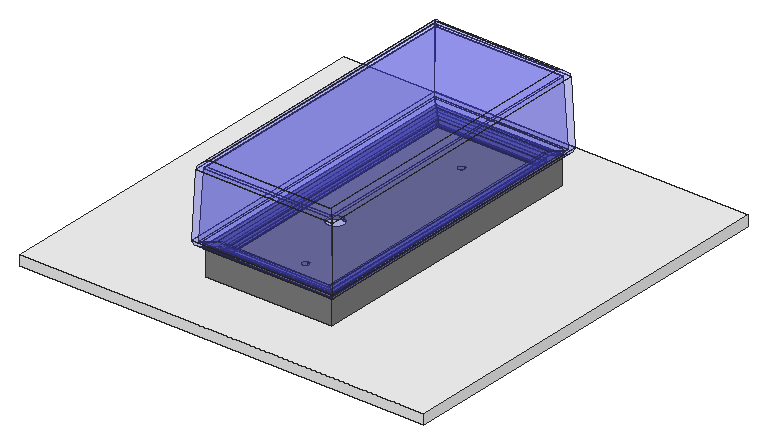
Revit family "BE_24604_de_DE", category Leuchten, Revit 2020
Family settings
  Basisbauteil = Fläche
  Bemaßung runder Anschluss = Durchmesser verwenden
  Teiletyp = Normal
  Beim Laden mit Abzugskörper schneiden = Ja
  Lichtquelle = Ja
  Gemeinsam genutzt = Nein
  Raumberechnungspunkt = Ja
Parameters (values of type "BEGA_24604_Grafit_K3")
  built-in parameter 1150104 = 8.8258 (stored number, unit not read)
  Wattage = 16 W
  Default Elevation = 0 mm
  built-in parameter 1150113 = 1 (stored number, unit not read)
  built-in parameter 1114218 = 1 (stored number, unit not read)
  Umgebungstemperatur = "25 °C"
  URL = "https://www.bega.com/de/produkt/24604"
  Typenkommentare = "© 2022 BEGA. Wir behalten uns das Recht vor, technische Änderungen ohne vorherige Ankündigung vorzunehmen."  # constant formula
  Type Image = 24604.png
  built-in parameter 1150134 = (empty or 0)
  built-in parameter 1150109 = 1 (stored number, unit not read)
  Strom = ""
  built-in parameter 1150110 = 1 (stored number, unit not read)
  Spannung = 230 V
  Sonderanfertigung = no
  Seriennummer [instance] = "Hier können Sie die eindeutige Seriennummer für das Facility Management eintragen."
  Schutzklasse = "I"
  Schutzart = "IP 44"
  Scheinlast = 0 VA
  Produktdatenblatt = "https://cdn.bega.com/bega/products/24604K3/current/documents/data-sheets/de"
  Oberflächentemperatur = ""
  Neigungswinkel = 0.00°
  Modell = "24604K3"
  Material_17 = BEGA_Reflektor
  Material_15 = BEGA_Leuchtmedium_matt
  Material_11 = BEGA_Glas_opal
  Material_09 = BEGA_Glas_klar
  Material_06 = BEGA_Oberfläche_Edelstahl_gebürstet
  Material_05 = BEGA_Oberfläche_Aluminium Guss
  Material_03 = BEGA_Oberfläche_Weiss_matt
  Material_02 = BEGA_Oberfläche_Silber_matt
  Material_01 [instance] = BEGA_Oberfläche_Grafit_matt
  M_W = no
  M_G = yes
  M_A = no
  Logo = 0
  built-in parameter 1114217 = 1 (stored number, unit not read)
  built-in parameter 1150139 = (empty or 0)
  built-in parameter 1150105 = 120.96 (stored number, unit not read)
  built-in parameter 1150114 = 1 (stored number, unit not read)
  Lumens = 1520 lm
  built-in parameter 1150115 = 1 (stored number, unit not read)
  Leuchtenlichtstrom = "1106 lm"
  Leuchtenanzahl = ""
  Lebensdauerkriterien = "L70B50 @ 25 °C = 78000 h"
  Lastklassifizierung = Beleuchtung
  built-in parameter 1150112 = 1 (stored number, unit not read)
  Lampenlichtstrom = "1520 lm"
  Lampe = "LED 14.8 W"
  LED_Modulbezeichnung = "2x LED-1250/830"
  built-in parameter 1150142 = (empty or 0)
  Hersteller = "BEGA"  # constant formula
  Halbstreuwinkel = ""
  Gewicht = "1.75 kg"
  Gebrauchslageneinschränkung [instance] = ""
  Frequenz = "50/60 Hz"
  Farbwiedergabeindex = "CRI > 80"
  Farbtemperaturverschiebung bei Dämpfen der Lampe = <Keine Auswahl>
  Farbtemperatur = "3000 K"
  Color Filter = 16777215
  built-in parameter 1150133 = 10 (stored number, unit not read)
  Energieeffizienzklasse = "LED A++ - A"
  built-in parameter 1150137 = (empty or 0)
  built-in parameter 1150132 = (empty or 0)
  ENEC = ""
  Dimmbar [instance] = "Phasenan- oder -abschnittdimmer"
  Datei für fotometrisches Netz = "BE_24604K3.IES"
  CE_Konformität = "ja"
  Bestellnummer = "24604K3"
  Beschreibung_Sonderanfertigung = "Hier können Sie Informationen zur Sonderanfertigung eintragen."
  Beschreibung = "Lichtbaustein"
  built-in parameter 1150106 = 1.2096 (stored number, unit not read)
  Befestigungsbohrung = "Ø 6,5 mm"
  Befestigungsabstand = "184 mm"
  Ballwurfsicher = ""
  BEGA_Intern_aus = yes
  BEGA_Intern_an = yes
  BEGA_Intern_Konstruktion = yes
  BEGA_Intern = yes
  BEGA_IES = yes
  BEGA_Dummy = no
  Anschlussleitung = ""
  Anschlussleistung [instance] = "14.8 W"
  Anschlusskasten = ""
  built-in parameter 1150107 = 3000 (stored number, unit not read)
  built-in parameter 1150102 = (empty or 0)
  built-in parameter 1150138 = (empty or 0)
  Aktualisierung = "2022-05-18T04:00:07"
  Abstand_zur_angestrahlten_Fläche [instance] = ""
  AC/DC = "AC"
Reference planes
  plane 1 "Mitte (Vorne/Hinten)": y = 0
  plane 2: z = 0
  plane 3 "Mitte (Links/Rechts)": x = 0
  plane 4 "Links": x = -69.782
  plane 5 "Rechts": x = 69.782
  plane 6 "Unten": y = -149.781
  plane 7 "Oben": y = 149.781
  plane 8 "Vorne": z = 106.2
  plane 9 "Hinten": z = 0
Forms (mm)
  Extrusion 1, solid, material "BEGA_Platte_Weiss"
    sketch origin (0, -1119.2, 0) x (1, 0, 0) y (0, 1, 0)
      loop
        line (-200, 1319.2) -> (-200, 919.2) -> (200, 919.2) -> (200, 1319.2) -> (-200, 1319.2)
    from 0 to -10
  Extrusion 2, solid, material "BEGA_Dummy_matt", visible <- "BEGA_Dummy"
    sketch origin (80.095, -76.023, 0) x (1, 0, 0) y (0, 1, 0)
      loop
        line (-149.878, 225.804) -> (-149.878, -73.758) -> (-10.313, -73.758) -> (-10.313, 225.804) -> (-149.878, 225.804)
    from 0 to 106.2
Dimensions and locks
  plane 1 "Mitte (Vorne/Hinten)" to Extrusion 1 = 200 mm
  aligned and locked: plane 2 to Extrusion 1
  aligned and locked: level to Extrusion 1
Nested families
  nested 1: "BE_24604" at (0, 0, 0) x (0, -1, 0) z (0, 0, 1), type "BE_24604"
Connectors
  electrical at (0, 0, 0), driven by "Lastklassifizierung", driven by "Spannung", driven by "Scheinlast"
    settings: index 1, voltage 230 V, apparent load 0 VA, apparent load phase1 0 VA, apparent load phase2 0 VA, apparent load phase3 0 VA, power factor 1, load classification "Beleuchtung", number of poles 1, system type 31, power factor state 1, is connector primary yes, connector utility no, sub classification motor no, connector description ""
Definition of nested family "BE_24604"
  Parameters (values of type "BE_24604")
    Default Elevation = 1 mm
    URL = "http://www.bega.de/de/produkt"
    Type Comments = "© 2015 BEGA. Wir behalten uns das Recht vor, technische Änderungen ohne vorherige Ankündigung vorzunehmen. "  # constant formula
    Type Image = (empty or 0)
    Neigungswinkel_um_Z2 = 0.00°
    Neigungswinkel_um_Z1 = 0.00°
    Neigungswinkel_um_Y2 = 0.00°
    Neigungswinkel_um_Y1 = 0.00°
    Neigungswinkel_um_X2 = 0.00°
    Neigungswinkel_um_X1 = 0.00°
    Material_17 = none
    Material_15 = none
    Material_11 = none
    Material_09 = none
    Material_06 = none
    Material_05 = none
    Material_03 = none
    Material_02 = none
    Material_01 = none
    M_W = yes
    M_G = yes
    M_A = yes
    Länge_Platte = 400 mm  # constant formula
    Höhe_Platte = -10 mm  # constant formula
    Manufacturer = "BEGA"  # constant formula
    Drehwinkel_um_Z2 = 0.00°
    Drehwinkel_um_Z1 = 0.00°
    Breite_Platte = 200 mm  # constant formula
  Reference planes
    plane 1 "Mitte (Oben/Unten)": y = 0
    plane 2: z = 0
    plane 3 "Mitte (Links/Rechts)": x = 0
    plane 4: x = -149.781
    plane 5: z = 106.2
    plane 6: x = 149.781
    plane 7: y = 69.782
    plane 8: y = -69.782
  Forms (mm)
    Extrusion 1, solid, detail levels medium
      sketch origin (0, 0, 0) x (1, 0, 0) y (0, 1, 0)
        loop
          line (-200, 100) -> (-200, -100) -> (200, -100) -> (200, 100) -> (-200, 100)
      from 0 to -10 <- "Höhe_Platte"
    Sweep 2, solid, material <- "Material_01", detail levels medium+fine
      path origin (0, 0, 0) x (1, 0, 0) y (0, 1, 0)
        loop
          line (-143.498, 63.5) -> (-143.498, -63.5) -> (143.498, -63.5) -> (143.498, 63.5) -> (-143.498, 63.5)
      profile origin (-143.498, 0, 0) x (1, 0, 0) y (0, 0, 1)
        loop
          line (-0.002, 30) -> (0.024, 28.5) -> (0.993, 28.5) -> (1.429, 3.5) -> (3.031, 3.5) -> (3.223, 14.5) -> (13.998, 14.5) -> (13.998, 16.7) -> (3.23, 16.7) -> (2.998, 30) -> (-0.002, 30)
    Extrusion 3, solid, material <- "Material_01", detail levels medium+fine
      sketch origin (0, 0, 0) x (1, 0, 0) y (0, 0, 1)
        loop
          line (-129.5, 16.7) -> (-129.5, 14.5) -> (131.567, 14.5) -> (131.567, 16.7) -> (-129.5, 16.7)
      from -49.502 to 49.502
    Sweep 4, solid, material <- "Material_11", detail levels medium+fine
      path origin (0, 0, 0) x (1, 0, 0) y (0, 1, 0)
        loop
          line (-142.505, -62.507) -> (142.505, -62.507) -> (142.505, 62.507) -> (-142.505, 62.507) -> (-142.505, -62.507)
      profile origin (-142.505, 0, 0) x (-1, 0, 0) y (0, 0, 1)
        loop
          line (7.272, 36.285) -> (5.09, 98.77)
          arc (5.09, 98.77) -> (2.744, 104.039) -> (-2.605, 106.2) r 7.699
          line (-2.605, 106.2) -> (-33, 106.2) -> (-33, 100.9) -> (-0.436, 100.9)
          arc (-0.436, 100.9) -> (0.607, 100.478) -> (1.064, 99.45) r 1.5
          line (1.064, 99.45) -> (3.313, 35.031)
          arc (3.313, 35.031) -> (3.068, 34.377) -> (2.43, 34.096) r 0.9
          line (2.43, 34.096) -> (-6.864, 33.934)
          arc (-6.864, 33.934) -> (-11.036, 32.139) -> (-12.755, 27.935) r 6
          line (-12.755, 27.935) -> (-12.755, 21.598)
          arc (-12.755, 21.598) -> (-12.549, 20.989) -> (-12.014, 20.632) r 1
          line (-12.014, 20.632) -> (-10.491, 20.224)
          arc (-10.491, 20.224) -> (-9.96, 19.866) -> (-9.755, 19.26) r 1
          line (-9.755, 19.26) -> (-9.755, 17.9) -> (-5.755, 17.9) -> (-5.755, 23.096) -> (-8.009, 23.7)
          arc (-8.009, 23.7) -> (-8.547, 24.056) -> (-8.755, 24.667) r 1
          line (-8.755, 24.667) -> (-8.755, 27.935)
          arc (-8.755, 27.935) -> (-8.182, 29.336) -> (-6.79, 29.934) r 2
          line (-6.79, 29.934) -> (1.385, 30.077)
          arc (1.385, 30.077) -> (5.629, 31.948) -> (7.272, 36.285) r 6
    Extrusion 5, solid, material <- "Material_11", detail levels medium+fine
      sketch origin (0, 0, 0) x (0, 1, 0) y (0, 0, 1)
        loop
          line (-29.507, 106.2) -> (-29.507, 101) -> (29.507, 101) -> (29.507, 106.2) -> (-29.507, 106.2)
      from -109.505 to 109.505
    Extrusion 6, void
      sketch origin (0, 0, 0) x (1, 0, 0) y (0, 1, 0)
        loop
          circle (29.5, -24.101) r 8.5
        loop
          circle (96.5, -0.101) r 3.25
        loop
          circle (-96.5, -0.101) r 3.264
      from 0 to 20
    Revolve 7, solid, material <- "Material_01", detail levels medium+fine
      sketch origin (0, 52.5, 0) x (1, 0, 0) y (0, 0, 1)
        loop
          line (-136.926, 13.58) -> (-136, 2) -> (-133.5, 2) -> (-131.5, 0) -> (-131.5, 14.5) -> (-137.923, 14.5)
          arc (-137.923, 14.5) -> (-137.245, 14.235) -> (-136.926, 13.58) r 1
        axis (-131.5, 0) -> (-131.5, 14.5)
      angle from 0 to 360
    Revolve 8, solid, material <- "Material_01", detail levels medium+fine
      sketch origin (0, -52.5, 0) x (1, 0, 0) y (0, 0, -1)
        loop
          arc (-136.926, -13.58) -> (-137.245, -14.235) -> (-137.923, -14.5) r 1
          line (-137.923, -14.5) -> (-131.5, -14.5) -> (-131.5, 0) -> (-133.5, -2) -> (-136, -2) -> (-136.926, -13.58)
        axis (-131.5, 0) -> (-131.5, -14.5)
      angle from 0 to 360
    Revolve 9, solid, material <- "Material_01", detail levels medium+fine
      sketch origin (0, 52.5, 0) x (-1, 0, 0) y (0, 0, -1)
        loop
          arc (-136.926, -13.58) -> (-137.245, -14.235) -> (-137.923, -14.5) r 1
          line (-137.923, -14.5) -> (-131.5, -14.5) -> (-131.5, 0) -> (-133.5, -2) -> (-136, -2) -> (-136.926, -13.58)
        axis (-131.5, 0) -> (-131.5, -14.5)
      angle from 0 to 360
    Revolve 10, solid, material <- "Material_01", detail levels medium+fine
      sketch origin (0, -52.5, 0) x (-1, 0, 0) y (0, 0, 1)
        loop
          line (-136.926, 13.58) -> (-136, 2) -> (-133.5, 2) -> (-131.5, 0) -> (-131.5, 14.5) -> (-137.923, 14.5)
          arc (-137.923, 14.5) -> (-137.245, 14.235) -> (-136.926, 13.58) r 1
        axis (-131.5, 0) -> (-131.5, 14.5)
      angle from 0 to 360
  Cuts and joins
    Extrusion 6 cuts Sweep 2
    Extrusion 6 cuts Extrusion 3
    joined: Sweep 2, Extrusion 3, Revolve 7, Revolve 8, Revolve 9, Revolve 10
    joined: Sweep 4, Extrusion 5
  Dimensions and locks
    equal spacing: Extrusion 1 sketch curve, plane 3 "Mitte (Links/Rechts)", Extrusion 1 sketch curve
    equal spacing: Extrusion 1 sketch curve, plane 1 "Mitte (Oben/Unten)", Extrusion 1 sketch curve
    "Länge_Platte": Extrusion 1 sketch curve to Extrusion 1 sketch curve
    "Breite_Platte": Extrusion 1 sketch curve to Extrusion 1 sketch curve
    aligned and locked: Extrusion 1 to plane 2
    aligned and locked: level to Extrusion 1
  Automatic sketch dimensions
    profile plane to Sweep 2 sketch curve = 0.002 mm
    Sweep 2 sketch curve to profile plane = 0.024 mm
    Sweep 2 sketch curve to Sweep 2 sketch curve = 0.969 mm
    Sweep 2 sketch curve to profile plane = 1.429 mm
    Sweep 2 sketch curve to Sweep 2 sketch curve = 2.005 mm
    Sweep 2 sketch curve to Sweep 2 sketch curve = 1.602 mm
    Sweep 2 sketch curve to profile plane = 3.223 mm
    Sweep 2 sketch curve to Sweep 2 sketch curve = 0.007 mm
    Sweep 2 sketch curve to Sweep 2 sketch curve = 10.768 mm
    level to Sweep 2 sketch curve = 3.5 mm
    Sweep 2 sketch curve to Sweep 2 sketch curve = 11 mm
    Sweep 2 sketch curve to Sweep 2 sketch curve = 2.2 mm
    Sweep 2 sketch curve to Sweep 2 sketch curve = 11.8 mm
    Sweep 2 sketch curve to Sweep 2 sketch curve = 1.5 mm
    level to Extrusion 3 sketch curve = 14.5 mm
    Extrusion 3 sketch curve to Extrusion 3 sketch curve = 2.2 mm
    plane 1 "Mitte (Oben/Unten)" to Extrusion 5 sketch curve = 29.507 mm
    Extrusion 5 sketch curve to plane 1 "Mitte (Oben/Unten)" = 29.507 mm
    plane 1 "Mitte (Oben/Unten)" to Extrusion 6 sketch curve = 0.101 mm  (x2)
    plane 3 "Mitte (Links/Rechts)" to Extrusion 6 sketch curve = 29.5 mm
    plane 1 "Mitte (Oben/Unten)" to Extrusion 6 sketch curve = 24.101 mm
    Revolve 7 sketch curve to level = 0 mm
    level to Revolve 7 sketch curve = 2 mm
    Revolve 7 sketch curve to Revolve 7 sketch curve = 2.5 mm
    Revolve 7 sketch curve to Revolve 7 sketch curve = 2 mm  (x2)
    Revolve 7 sketch curve to Revolve 7 sketch curve = 11.5 mm
    Revolve 7 sketch curve to Revolve 7 sketch curve = 1 mm
    Revolve 7 sketch curve to Revolve 7 sketch curve = 0 mm  (x4)
    Revolve 7 sketch curve to Revolve 7 sketch curve = 0.997 mm
    Revolve 7 sketch curve to Revolve 7 sketch curve = 0.08 mm
    Revolve 7 sketch curve to Revolve 7 sketch curve = 1.08 mm
    Revolve 8 sketch curve to level = 0 mm
    level to Revolve 8 sketch curve = 2 mm
    Revolve 8 sketch curve to Revolve 8 sketch curve = 2.5 mm
    Revolve 8 sketch curve to Revolve 8 sketch curve = 2 mm  (x2)
    Revolve 8 sketch curve to Revolve 8 sketch curve = 11.5 mm
    Revolve 8 sketch curve to Revolve 8 sketch curve = 1 mm
    Revolve 8 sketch curve to Revolve 8 sketch curve = 0 mm  (x4)
    Revolve 8 sketch curve to Revolve 8 sketch curve = 0.997 mm
    Revolve 8 sketch curve to Revolve 8 sketch curve = 0.08 mm
    Revolve 8 sketch curve to Revolve 8 sketch curve = 1.08 mm
    Revolve 9 sketch curve to level = 0 mm
    level to Revolve 9 sketch curve = 2 mm
    Revolve 9 sketch curve to Revolve 9 sketch curve = 2.5 mm
    Revolve 9 sketch curve to Revolve 9 sketch curve = 2 mm  (x2)
    Revolve 9 sketch curve to Revolve 9 sketch curve = 11.5 mm
    Revolve 9 sketch curve to Revolve 9 sketch curve = 1 mm
    Revolve 9 sketch curve to Revolve 9 sketch curve = 0 mm  (x4)
    Revolve 9 sketch curve to Revolve 9 sketch curve = 0.997 mm
    Revolve 9 sketch curve to Revolve 9 sketch curve = 0.08 mm
    Revolve 9 sketch curve to Revolve 9 sketch curve = 1.08 mm
    Revolve 10 sketch curve to level = 0 mm
    level to Revolve 10 sketch curve = 2 mm
    Revolve 10 sketch curve to Revolve 10 sketch curve = 2.5 mm
    Revolve 10 sketch curve to Revolve 10 sketch curve = 2 mm  (x2)
    Revolve 10 sketch curve to Revolve 10 sketch curve = 11.5 mm
    Revolve 10 sketch curve to Revolve 10 sketch curve = 1 mm
    Revolve 10 sketch curve to Revolve 10 sketch curve = 0 mm  (x4)
    Revolve 10 sketch curve to Revolve 10 sketch curve = 0.997 mm
    Revolve 10 sketch curve to Revolve 10 sketch curve = 0.08 mm
    Revolve 10 sketch curve to Revolve 10 sketch curve = 1.08 mm
    Sweep 4 sketch curve to Sweep 4 sketch curve = 0 mm  (x8)
    profile plane to Sweep 4 sketch curve = 33 mm
    profile plane to Sweep 4 sketch curve = 12.755 mm
    Sweep 4 sketch curve to Sweep 4 sketch curve = 1 mm  (x4)
    Sweep 4 sketch curve to Sweep 4 sketch curve = 0.264 mm
    Sweep 4 sketch curve to Sweep 4 sketch curve = 3 mm
    Sweep 4 sketch curve to Sweep 4 sketch curve = 0.746 mm
    Sweep 4 sketch curve to Sweep 4 sketch curve = 1.892 mm
    Sweep 4 sketch curve to Sweep 4 sketch curve = 1.965 mm
    Sweep 4 sketch curve to Sweep 4 sketch curve = 0.035 mm  (x2)
    Sweep 4 sketch curve to Sweep 4 sketch curve = 4 mm
    profile plane to Sweep 4 sketch curve = 2.605 mm
    profile plane to Sweep 4 sketch curve = 0.436 mm
    Sweep 4 sketch curve to profile plane = 1.064 mm
    Sweep 4 sketch curve to profile plane = 1.275 mm
    Sweep 4 sketch curve to profile plane = 1.385 mm
    Sweep 4 sketch curve to Sweep 4 sketch curve = 1.138 mm
    Sweep 4 sketch curve to Sweep 4 sketch curve = 0.899 mm  (x2)
    Sweep 4 sketch curve to Sweep 4 sketch curve = 4.026 mm
    level to Sweep 4 sketch curve = 17.9 mm
    Sweep 4 sketch curve to Sweep 4 sketch curve = 1.36 mm
    Sweep 4 sketch curve to Sweep 4 sketch curve = 1.374 mm
    Sweep 4 sketch curve to Sweep 4 sketch curve = 5.196 mm
    Sweep 4 sketch curve to Sweep 4 sketch curve = 0.604 mm
    Sweep 4 sketch curve to Sweep 4 sketch curve = 3.267 mm
    Sweep 4 sketch curve to Sweep 4 sketch curve = 0.143 mm
    Sweep 4 sketch curve to Sweep 4 sketch curve = 4.919 mm
    Sweep 4 sketch curve to Sweep 4 sketch curve = 1.08 mm
    Sweep 4 sketch curve to Sweep 4 sketch curve = 62.425 mm
    Sweep 4 sketch curve to Sweep 4 sketch curve = 0.269 mm
    Sweep 4 sketch curve to Sweep 4 sketch curve = 0.05 mm
    Sweep 4 sketch curve to Sweep 4 sketch curve = 0.259 mm
    Sweep 4 sketch curve to Sweep 4 sketch curve = 0.016 mm
    Sweep 4 sketch curve to Sweep 4 sketch curve = 3.959 mm
    Sweep 2 sketch curve to plane 3 "Mitte (Links/Rechts)" = 143.498 mm
    Extrusion 3 sketch curve to plane 3 "Mitte (Links/Rechts)" = 129.5 mm
    Sweep 4 sketch curve to plane 3 "Mitte (Links/Rechts)" = 142.505 mm
    Extrusion 6 sketch curve to plane 3 "Mitte (Links/Rechts)" = 96.5 mm
    Revolve 7 sketch curve to plane 3 "Mitte (Links/Rechts)" = 137.923 mm
    Revolve 7 sketch curve to Revolve 7 sketch curve = 0.926 mm
    Revolve 8 sketch curve to plane 3 "Mitte (Links/Rechts)" = 137.923 mm
    Revolve 8 sketch curve to Revolve 8 sketch curve = 0.926 mm
    plane 3 "Mitte (Links/Rechts)" to Sweep 2 sketch curve = 143.498 mm
    plane 3 "Mitte (Links/Rechts)" to Extrusion 3 sketch curve = 131.567 mm
    plane 3 "Mitte (Links/Rechts)" to Sweep 4 sketch curve = 142.505 mm
    Extrusion 6 sketch curve to Extrusion 6 sketch curve = 67 mm
    plane 3 "Mitte (Links/Rechts)" to Revolve 9 sketch curve = 137.923 mm
    Revolve 9 sketch curve to Revolve 9 sketch curve = 0.926 mm
    plane 3 "Mitte (Links/Rechts)" to Revolve 10 sketch curve = 137.923 mm
    Revolve 10 sketch curve to Revolve 10 sketch curve = 0.926 mm
    level to Extrusion 5 sketch curve = 101 mm
    Extrusion 5 sketch curve to Extrusion 5 sketch curve = 5.2 mm
    plane 1 "Mitte (Oben/Unten)" to Sweep 2 sketch curve = 63.5 mm
    plane 1 "Mitte (Oben/Unten)" to Sweep 4 sketch curve = 62.507 mm
    Sweep 2 sketch curve to plane 1 "Mitte (Oben/Unten)" = 63.5 mm
    Sweep 4 sketch curve to plane 1 "Mitte (Oben/Unten)" = 62.507 mm
    radius of Extrusion 6 sketch curve = 8.5 mm
    radius of Extrusion 6 sketch curve = 3.25 mm
    radius of Extrusion 6 sketch curve = 3.264 mm
